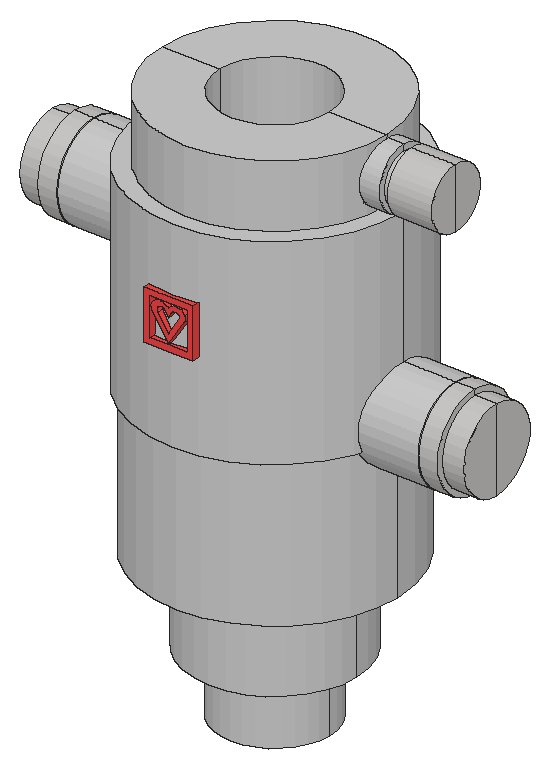
Revit family "Systemtrenner 0302", category Rohrzubehör, Revit 2020
Family settings
  Bemaßung runder Anschluss = Durchmesser verwenden
  Teiletyp = Unterbricht
  OmniClass-Nummer = 23.65.55.14
  OmniClass-Titel = Valves for Liquid Services
  Arbeitsebenenbasiert = Nein
  Immer vertikal = Ja
  Beim Laden mit Abzugskörper schneiden = Nein
  Gemeinsam genutzt = Nein
Parameters (values of type "DN15 (3/4"-3/4")")
  Vorgabe-Ansicht = 0.00 mm
  Max. zulässige Betriebstemperatur (kurzzeitig) = 80 °C  # constant formula
  Max. Betriebstemperatur = 65 °C  # constant formula
  URL = "www.herz-armaturen.at"
  Systemtrenner-Kartusche = "hochwertiger, kalkabweisender Kunststoff"  # constant formula
  SCTWSEQ = "AW;SBT_TYP_AW=\"104\";2"
  SCTWCODE = "04;12;02"  # constant formula
  S03 = 29.00 mm  # constant formula
  S02 = 53.00 mm  # constant formula
  S01 = 13.00 mm  # constant formula
  NennweiteEin [instance] = if([20_20], 20.00 mm, if([25_20], 25.00 mm, if([25_25], 25.00 mm, 0.00 mm)))  # 20.00 mm
  NennweiteAus [instance] = if([20_20], 20.00 mm, if([25_20], 20.00 mm, if([25_25], 25.00 mm, 0.00 mm)))  # 20.00 mm
  Max. Betriebsdruck = 1000000.0 Pa  # constant formula
  Medium = "Wasser (ohne Dampf)"  # constant formula
  LO01 = 70.00 mm  # constant formula
  IG (ein) [instance] = NennweiteEin / 2  # 10.00 mm
  Hinweis = "Gemäß Art 33 der REACH-Verordnung (EG Nr. 1907/2006) sind wir verpflichtet, darauf hinzuweisen, dass der Stoff Blei auf der SVHC-Liste geführt wird und dass alle aus Messing bestehenden Bauteile, die in unseren Erzeugnissen verarbeitet sind, mehr als 0,1 % (w/w) Blei (CAS: 7439-92-1 / EINECS: 231-100-4) enthalten.\r\nDa Blei als Legierungsbestandteil fest gebunden ist, sind keine Expositionen zu erwarten und daher sind keine zusätzlichen Angaben zur sicheren Verwendung notwendig."
  Hersteller = "HERZ Armaturen Ges.m.b.H."  # constant formula
  H09 = 7.50 mm  # constant formula
  H08 = 24.50 mm  # constant formula
  H07 = 8.50 mm  # constant formula
  H06 = 57.50 mm  # constant formula
  H05 = 6.00 mm  # constant formula
  H04 = 11.50 mm  # constant formula
  H03 = 54.00 mm  # constant formula
  H02 = 27.00 mm  # constant formula
  H01 = 102.00 mm  # constant formula
  Gehäuse = "Pressmessing (CW617N), verchromt"  # constant formula
  GT (IG) [instance] = if([20_20], 11.30 mm, if([25_20], 12.50 mm, if([25_25], 12.50 mm, 0.00 mm)))  # 11.30 mm
  GT (AG) [instance] = if([20_20], 11.30 mm, if([25_20], 12.50 mm, if([25_25], 12.50 mm, 0.00 mm)))  # 11.30 mm
  Einbaulage = "senkrecht"  # constant formula
  Dichtungen = "EPDM"  # constant formula
  D10 = 4.00 mm  # constant formula
  D09 = 40.50 mm  # constant formula
  D08 = 4.50 mm  # constant formula
  D07 = 5.50 mm  # constant formula
  D06 = 33.00 mm  # constant formula
  D05 [instance] = (NennweiteEin / 2) + 1.00 mm  # 11.00 mm
  D04 = 15.00 mm  # constant formula
  D03 = 22.50 mm  # constant formula
  D02 = 23.50 mm  # constant formula
  D01 = 20.50 mm  # constant formula
  Bestellnummer = if([20_20], "I030202", if([25_20], "I030203", if([25_25], "I030213", "0")))  # "I030202"
  Ausführung = "Der Systemtrenner BA wurde nach der Norm DIN EN 1717 entwickelt.\r\nLaut dieser Norm ist die Wasserqualität je nach Grad der Verschmutzung in 5 Klassen eingeteilt.\r\nDer Systemtrenner Typ BA erlaubt Absicherung gegen Nichttrinkwasser bis zur Gefahrenklasse 4, der höchsten Gefahrenklasse, die mit einer Armatur abgesichert werden kann.\r\nSystemtrenner komplett mit Sicherungsschraube gegen Manipulationen, Sieb gegen Schmutzeintrag.\r\nDiese Filterscheibe muss richtig in die Armatur hingesetzt werden, so dass die Funktion gewehrleistet werden kann.\r\nDichtung darauf legen.\r\nDer Einbau eines Schmutzfängers vor dem Systemtrenner hilft, um eine dauerhafte und einwandfreie Funktion zu gewährleisten.\r\nDer Systemtrenner kann nur senkrecht montiert werden.\r\nDer Herz- Systemtrenner ist frostsicher."
  Anwendung = "Der Systemtrenner ist zum nachträglichen Anbau an eine Entnahmearmatur mit Schlauchanschluss konzipiert.\r\nDank seiner kompakten Bauform schliesst dieser Systemtrenner die Lücke überall dort, wo eine Anbindung an das Abwasser notwendig ist."
  AG (aus) [instance] = NennweiteAus / 2  # 10.00 mm
  25_25 = no
  25_20 = no
  20_20 = yes
Types (4, lengths in mm): name | NennweiteEin | NennweiteAus | IG (ein) | GT (IG) | GT (AG) | D05 | Bestellnummer | AG (aus) | 25_25 | 25_20 | 20_20
  (no name) | 20.00 | 20.00 | 10.00 | 11.30 | 11.30 | 11.00 | "I030202" | 10.00 | no | no | yes
  DN15 (3/4"-3/4") | 20.00 | 20.00 | 10.00 | 11.30 | 11.30 | 11.00 | "I030202" | 10.00 | no | no | yes
  DN20 (1"-3/4") | 25.00 | 20.00 | 12.50 | 12.50 | 12.50 | 13.50 | "I030203" | 10.00 | no | yes | no
  DN20 (1"-1") | 25.00 | 25.00 | 12.50 | 12.50 | 12.50 | 13.50 | "I030213" | 12.50 | yes | no | no
Reference planes
  plane 1 "Mitte (Vorne/hinten)": y = 0
  plane 2: z = 0
  plane 3 "Mitte (Links/rechts)": x = 0
Forms (mm)
  Revolve 1, solid, material "Messing, vernickelt", detail levels fine
    sketch origin (0, 0, 0) x (1, 0, 0) y (0, 0, 1)
      loop
        line (0, 0) -> (0, 90.7) -> (-10, 90.7) -> (-10, 102) -> (-20.5, 102) -> (-20.5, 90.5) -> (-23.5, 90.5) -> (-23.5, 54) -> (-22.5, 54) -> (-22.5, 27) -> (-15, 27) -> (-15, 11.3) -> (-10, 11.3) -> (-10, 0) -> (0, 0)
      axis (0, 102) -> (0, 0)
    angle from 0 to 360
  Revolve 2, solid, material "Messing, vernickelt", detail levels fine
    sketch origin (0, 0, 0) x (1, 0, 0) y (0, 0, 1)
      loop
        line (11, 101.5) -> (11, 96) -> (23.5, 96) -> (23.5, 101.5) -> (11, 101.5)
      axis (11, 96) -> (23.5, 96)
    angle from 0 to 360
  Revolve 3, solid, material "Messing, vernickelt", detail levels fine
    sketch origin (0, 0, 0) x (1, 0, 0) y (0, 0, 1)
      loop
        line (0, 66) -> (0, 57.5) -> (33, 57.5) -> (33, 66) -> (0, 66)
      axis (33, 57.5) -> (0, 57.5)
    angle from 0 to 360
  Revolve 4, solid, material "Messing, vernickelt", detail levels fine
    sketch origin (0, 0, 0) x (1, 0, 0) y (0, 0, 1)
      loop
        line (0, 77.5) -> (0, 86) -> (-33, 86) -> (-33, 77.5) -> (0, 77.5)
      axis (-33, 77.5) -> (0, 77.5)
    angle from 0 to 360
  Revolve 5, solid, material "Edelstahl", detail levels fine
    sketch origin (0, 0, 0) x (1, 0, 0) y (0, 0, 1)
      loop
        line (23.5, 96) -> (33, 96) -> (33, 101.5) -> (25, 101.5) -> (25, 100.5) -> (23.5, 100.5) -> (23.5, 96)
      axis (23.5, 96) -> (33, 96)
    angle from 0 to 360
  Revolve 6, solid, material "Edelstahl", detail levels fine
    sketch origin (0, 0, 0) x (1, 0, 0) y (0, 0, 1)
      loop
        line (33, 57.5) -> (40.5, 57.5) -> (40.5, 65) -> (36.5, 65) -> (36.5, 66) -> (33, 66) -> (33, 57.5)
      axis (33, 57.5) -> (40.5, 57.5)
    angle from 0 to 360
  Revolve 7, solid, material "Edelstahl", detail levels fine
    sketch origin (0, 0, 20) x (-1, 0, 0) y (0, 0, 1)
      loop
        line (33, 57.5) -> (40.5, 57.5) -> (40.5, 65) -> (36.5, 65) -> (36.5, 66) -> (33, 66) -> (33, 57.5)
      axis (33, 57.5) -> (40.5, 57.5)
    angle from 0 to 360
Lines and regions (mm)
  model lines, detail levels coarse+medium
    curve 1: line (-23.5, 0, 102) -> (23.5, 0, 102)
    curve 2: line (-23.5, 0, 0) -> (-23.5, 0, 102)
    curve 3: line (23.5, 0, 0) -> (-23.5, 0, 0)
    curve 4: line (23.5, 0, 102) -> (23.5, 0, 0)
    curve 5: line (-10.5, 0, 102) -> (-10.5, 0, 49)
    curve 6: line (-10.5, 0, 29) -> (-10.5, 0, 0)
    curve 7: line (10.5, 0, 102) -> (10.5, 0, 49)
    curve 8: line (10.5, 0, 29) -> (10.5, 0, 0)
    curve 9: line (0, 23.5, 102) -> (0, -23.5, 102)
    curve 10: line (0, 23.5, 0) -> (0, 23.5, 102)
    curve 11: line (0, -23.5, 0) -> (0, 23.5, 0)
    curve 12: line (0, -23.5, 102) -> (0, -23.5, 0)
    curve 13: line (0, 10.5, 102) -> (0, 10.5, 49)
    curve 14: line (0, 10.5, 29) -> (0, 10.5, 0)
    curve 15: line (0, -10.5, 102) -> (0, -10.5, 49)
    curve 16: line (0, -10.5, 29) -> (0, -10.5, 0)
Dimensions and locks
  "H01": Revolve 1 sketch curve to plane 2
  "IG (ein)": Revolve 1 sketch curve to plane 3 "Mitte (Links/rechts)"
  "AG (aus)": Revolve 1 sketch curve to plane 3 "Mitte (Links/rechts)"
  "GT (IG)": Revolve 1 sketch curve to Revolve 1 sketch curve
  "GT (AG)": Revolve 1 sketch curve to Revolve 1 sketch curve
  "D01": Revolve 1 sketch curve to plane 3 "Mitte (Links/rechts)"
  "D02": plane 3 "Mitte (Links/rechts)" to Revolve 1 sketch curve
  "D03": Revolve 1 sketch curve to plane 3 "Mitte (Links/rechts)"
  "D04": Revolve 1 sketch curve to plane 3 "Mitte (Links/rechts)"
  "H02": Revolve 1 sketch curve to plane 2
  "H03": Revolve 1 sketch curve to plane 2
  "H04": Revolve 1 sketch curve to Revolve 1 sketch curve
  "H05": Revolve 1 to Revolve 2 sketch curve
  "D02": Revolve 2 sketch curve to plane 3 "Mitte (Links/rechts)"
  "D05": Revolve 2 sketch curve to plane 3 "Mitte (Links/rechts)"
  "H06": Revolve 3 sketch curve to plane 2
  "H07": Revolve 3 sketch curve to Revolve 3 sketch curve
  "D06": Revolve 3 sketch curve to plane 3 "Mitte (Links/rechts)"
  "D06": plane 3 "Mitte (Links/rechts)" to Revolve 4 sketch curve
  "H07": Revolve 4 sketch curve to Revolve 4 sketch curve
  "H08": Revolve 1 to Revolve 4 sketch curve
  "D06": Revolve 5 sketch curve to plane 3 "Mitte (Links/rechts)"
  Revolve 5 sketch curve to Revolve 5 sketch curve = 1.50 mm
  "D02": Revolve 5 sketch curve to plane 3 "Mitte (Links/rechts)"
  "D07": Revolve 5 sketch curve to Revolve 5 sketch curve
  "H05": Revolve 1 to Revolve 5 sketch curve
  "D07": Revolve 2 sketch curve to Revolve 2 sketch curve
  "D08": Revolve 5 sketch curve to Revolve 5 sketch curve
  "D06": plane 3 "Mitte (Links/rechts)" to Revolve 6 sketch curve
  "D09": Revolve 6 sketch curve to plane 3 "Mitte (Links/rechts)"
  "D10": Revolve 6 sketch curve to Revolve 6 sketch curve
  "H07": Revolve 6 sketch curve to Revolve 6 sketch curve
  "H09": Revolve 6 sketch curve to Revolve 6 sketch curve
  "D10": Revolve 7 sketch curve to Revolve 7 sketch curve
  "H07": Revolve 7 sketch curve to Revolve 7 sketch curve
  "H09": Revolve 7 sketch curve to Revolve 7 sketch curve
  "H08": Revolve 1 to Revolve 7 sketch curve
  "D06": plane 3 "Mitte (Links/rechts)" to Revolve 7 sketch curve
  "D09": plane 3 "Mitte (Links/rechts)" to Revolve 7 sketch curve
  "D02": nested 1 to plane 1 "Mitte (Vorne/hinten)"
  "LO01": nested 1 to plane 2
  "H01": curve 1 to plane 2
  "D02": curve 4 to plane 3 "Mitte (Links/rechts)" to curve 2
  "S01": curve 2 to curve 5
  "S01": curve 7 to curve 4
  "S01": curve 6 to curve 2
  "S01": curve 8 to curve 4
  "S02": curve 1 to curve 7
  "S02": curve 1 to curve 5
  "S03": curve 8 to curve 3
  "S03": curve 6 to curve 3
  "H01": curve 9 to plane 2
  "S03": curve 16 to plane 2
  "S02": curve 15 to curve 9
  "S01": curve 15 to curve 12
  "S01": curve 10 to curve 13
  "D02": curve 10 to plane 1 "Mitte (Vorne/hinten)" to curve 12
  "S01": curve 10 to curve 14
  "S01": curve 16 to curve 12
  "S03": curve 14 to plane 2
  "S02": curve 13 to curve 9
  aligned and locked: level to plane 2
Automatic sketch dimensions
  curve 16 to level = 0.00 mm
  curve 8 to level = 0.00 mm
  Revolve 1 sketch curve to plane 3 "Mitte (Links/rechts)" = 0.00 mm  (x2)
  Revolve 1 sketch curve to level = 0.00 mm
  Revolve 1 sketch curve to level = 366.045 mm
  Revolve 1 sketch curve to Revolve 1 sketch curve = 2112.315 mm
  Revolve 2 sketch curve to Revolve 2 sketch curve = 0.00 mm  (x3)
  Revolve 3 sketch curve to plane 3 "Mitte (Links/rechts)" = 0.00 mm  (x2)
  Revolve 3 sketch curve to Revolve 3 sketch curve = 0.00 mm  (x2)
  Revolve 4 sketch curve to plane 3 "Mitte (Links/rechts)" = 0.00 mm  (x2)
  Revolve 4 sketch curve to Revolve 4 sketch curve = 0.00 mm  (x2)
  Revolve 5 sketch curve to Revolve 5 sketch curve = 0.00 mm  (x3)
  level to Revolve 6 sketch curve = 57.50 mm
  Revolve 6 sketch curve to Revolve 6 sketch curve = 0.00 mm  (x3)
  Revolve 7 sketch curve to Revolve 7 sketch curve = 0.00 mm  (x3)
Nested families
  nested 1: "Herz-Logo-vorne" at (0, -23.5, 74.5) x (0, 1, 0) z (0, 0, 1), type "Herz-Logo-vorne", detail levels fine
Connectors
  piping at (0, 0, 90.7), diameter 20, driven by "NennweiteEin"
    settings: on Revolve 1, index 1, connector inside diameter 609.6 mm, connector length 0.00 mm, flow factor 0, pipe flow 0.0 L/s, pressure drop 0.0 Pa, fitting loss kfactor 0, connector angle 0.00°, fixture units 0, engagement length 0.00 mm, angle of deflection 0.00°, flow configuration 0, flow direction 1, fitting loss method 0, system type 29, joint type 0, gender type 0, connector reference index -1, connector utility 0, adjustable connector no, is connector primary yes, connector description ""
  piping at (0, 0, 0), diameter 20, driven by "NennweiteAus"
    settings: on Revolve 1, index 2, connector inside diameter 609.6 mm, connector length 0.00 mm, flow factor 0, pipe flow 0.0 L/s, pressure drop 0.0 Pa, fitting loss kfactor 0, connector angle 0.00°, fixture units 0, engagement length 0.00 mm, angle of deflection 0.00°, flow configuration 0, flow direction 2, fitting loss method 0, system type 29, joint type 0, gender type 0, connector reference index -1, connector utility 0, adjustable connector no, is connector primary no, connector description ""
Definition of nested family "Herz-Logo-vorne"
  Parameters (values of type "Herz-Logo-vorne")
    Default Elevation = 0.00 mm
  Reference planes
    plane 1 "Mitte (Vorne/hinten)": y = 0
    plane 2: z = 0
    plane 3 "Mitte (Links/rechts)": x = 0
  Forms (mm)
    Extrusion 1, solid
      sketch origin (0.732, -0.018, 0.017) x (0, -1, 0) y (0, 0, 1)
        loop
          line (-0.018, -4.517) -> (4.482, -4.517) -> (4.482, 4.483) -> (-4.518, 4.483) -> (-4.518, -4.517) -> (-0.018, -4.517)
        loop
          line (-0.05, -3.48) -> (3.482, -3.48) -> (3.482, 3.483) -> (-3.518, 3.483) -> (-3.518, -3.48) -> (-0.05, -3.48)
        loop
          arc (-0.018, 2.383) -> (-1.543, 3.287) -> (-3.067, 2.383) r 1.738
          arc (-3.067, 2.383) -> (-3.191, 1.899) -> (-3.067, 1.415) r 1.009
          line (-3.067, 1.415) -> (-0.018, -3.281) -> (3.032, 1.415)
          arc (3.032, 1.415) -> (3.156, 1.899) -> (3.032, 2.383) r 1.009
          arc (3.032, 2.383) -> (1.507, 3.287) -> (-0.018, 2.383) r 1.738
        loop
          arc (1.885, 1.272) -> (2.005, 1.675) -> (1.885, 2.079) r 0.74
          arc (1.885, 2.079) -> (1.265, 2.416) -> (0.644, 2.079) r 0.74
          line (0.644, 2.079) -> (-0.018, 0.97) -> (-0.679, 2.079)
          arc (-0.679, 2.079) -> (-1.3, 2.416) -> (-1.921, 2.079) r 0.74
          arc (-1.921, 2.079) -> (-2.04, 1.675) -> (-1.921, 1.272) r 0.74
          line (-1.921, 1.272) -> (-0.018, -1.658) -> (1.885, 1.272)
      from 0 to 1.5
  Dimensions and locks
    aligned and locked: level to plane 2
